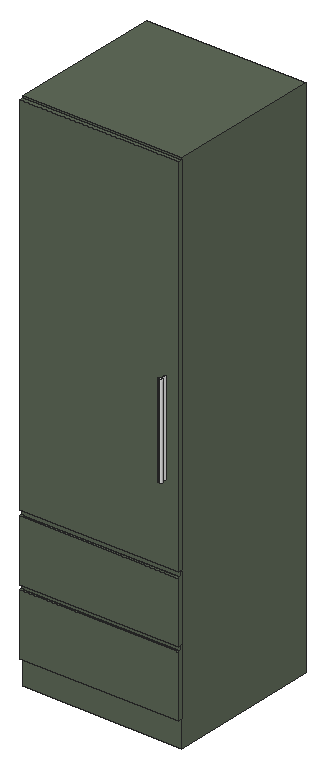
Revit family "Шкаф 1 секция (распашные двери)", category Мебель, Revit 2019
Family settings
  Номер OmniClass = 23.40.20.00
  Заголовок OmniClass = General Furniture and Specialties
  На основе рабочей плоскости = Нет
  Всегда вертикально = Да
  При загрузке вырезать с полостями = Нет
  Общий = Нет
  Точка расчета площади = Нет
Parameters
  Материал ручки [instance] = Материал шкаф ручки
  Материал шкаф (корпус) [instance] = Материал шкаф
  Изготовитель = "Литвинчук Артур"
  Длина [instance] = 600 mm
  Глубина [instance] = 600 mm
  Высота шухляды [instance] = 250 mm
  Высота антресоли [instance] = 500 mm
  Высота [instance] = 2000 mm
  Антресоль [instance] = no
  URL = "lytvynchukartur@gmail.com"
  3 шухляды [instance] = no
  2 шухляды [instance] = yes
  1 шухляда [instance] = no
  0 шухляд [instance] = no
Reference planes
  plane 1 "По центру (Вперед/Назад)": y = 0
  plane 2: z = 0
  plane 3 "По центру (Влево/Вправо)": x = 0
  plane 4: x = 600
  plane 5: y = -600
  plane 6: y = -585
  plane 7: z = 2000
  plane 8: z = 2500
  plane 9: z = 100
  plane 10: z = 350
  plane 11: z = 600
  plane 12: z = 850
  plane 13: z = 2490
  plane 14: z = 900
  plane 15: z = 1250
  plane 16: z = 855
  plane 17: z = 1995
  plane 18: z = 355
  plane 19: z = 605
Forms (mm)
  Extrusion 1, solid, material "Материал шкаф" <- "Материал шкаф (корпус)", visible <- "3 шухляды"
    sketch origin (1127.72, 0, 700) x (0, 1, 0) y (0, 0, 1)
      loop
        line (-585, 155) -> (-585, 1295) -> (-600, 1295) -> (-600, 155) -> (-585, 155)
    from -1127.72 to -527.72
  Extrusion 2, solid, material "Материал шкаф" <- "Материал шкаф (корпус)", visible <- "3 шухляды"
    sketch origin (1127.72, 0, 0) x (0, 1, 0) y (0, 0, 1)
      loop
        line (-585, 100) -> (-585, 350) -> (-590.213, 350) -> (-590.213, 332.595)
        arc (-590.213, 332.595) -> (-592.713, 330.095) -> (-595.213, 332.595) r 2.5
        arc (-595.213, 332.595) -> (-597.607, 334.989) -> (-600, 332.595) r 2.393
        line (-600, 332.595) -> (-600, 100) -> (-585, 100)
    from -1127.72 to -527.72
  Extrusion 3, solid, material "Материал шкаф" <- "Материал шкаф (корпус)"
    sketch origin (0, 0, 0) x (1, 0, 0) y (0, 1, 0)
      loop
        line (0, 0) -> (0, -585) -> (600, -585) -> (600, 0) -> (0, 0)
    from 0 to 2000
  Extrusion 4, solid, material "Материал шкаф" <- "Материал шкаф (корпус)", visible <- "Антресоль"
    sketch origin (140, 0, 0) x (1, 0, 0) y (0, 1, 0)
      loop
        line (-140, 0) -> (-140, -585) -> (460, -585) -> (460, 0) -> (-140, 0)
    from 2000 to 2500
  Extrusion 5, solid, material "Материал шкаф" <- "Материал шкаф (корпус)", visible <- "3 шухляды"
    sketch origin (1127.72, 0, 250) x (0, 1, 0) y (0, 0, 1)
      loop
        line (-585, 100) -> (-585, 350) -> (-590.213, 350) -> (-590.213, 332.595)
        arc (-590.213, 332.595) -> (-592.713, 330.095) -> (-595.213, 332.595) r 2.5
        arc (-595.213, 332.595) -> (-597.607, 334.989) -> (-600, 332.595) r 2.393
        line (-600, 332.595) -> (-600, 100) -> (-585, 100)
    from -1127.72 to -527.72
  Extrusion 6, solid, material "Материал шкаф" <- "Материал шкаф (корпус)", visible <- "3 шухляды"
    sketch origin (1127.72, 0, 500) x (0, 1, 0) y (0, 0, 1)
      loop
        line (-585, 100) -> (-585, 350) -> (-590.213, 350) -> (-590.213, 332.595)
        arc (-590.213, 332.595) -> (-592.713, 330.095) -> (-595.213, 332.595) r 2.5
        arc (-595.213, 332.595) -> (-597.607, 334.989) -> (-600, 332.595) r 2.393
        line (-600, 332.595) -> (-600, 100) -> (-585, 100)
    from -1127.72 to -527.72
  Extrusion 7, solid, material "Материал шкаф" <- "Материал шкаф (корпус)", visible <- "2 шухляды"
    sketch origin (1807.72, 0, 0) x (0, 1, 0) y (0, 0, 1)
      loop
        line (-585, 100) -> (-585, 350) -> (-590.213, 350) -> (-590.213, 332.595)
        arc (-590.213, 332.595) -> (-592.713, 330.095) -> (-595.213, 332.595) r 2.5
        arc (-595.213, 332.595) -> (-597.607, 334.989) -> (-600, 332.595) r 2.393
        line (-600, 332.595) -> (-600, 100) -> (-585, 100)
    from -1807.72 to -1207.72
  Extrusion 8, solid, material "Материал шкаф" <- "Материал шкаф (корпус)", visible <- "2 шухляды"
    sketch origin (1767.72, 0, 250) x (0, 1, 0) y (0, 0, 1)
      loop
        line (-585, 100) -> (-585, 350) -> (-590.213, 350) -> (-590.213, 332.595)
        arc (-590.213, 332.595) -> (-592.713, 330.095) -> (-595.213, 332.595) r 2.5
        arc (-595.213, 332.595) -> (-597.607, 334.989) -> (-600, 332.595) r 2.393
        line (-600, 332.595) -> (-600, 100) -> (-585, 100)
    from -1767.72 to -1167.72
  Extrusion 9, solid, material "Материал шкаф" <- "Материал шкаф (корпус)", visible <- "1 шухляда"
    sketch origin (2547.72, 0, 0) x (0, 1, 0) y (0, 0, 1)
      loop
        line (-585, 100) -> (-585, 350) -> (-590.213, 350) -> (-590.213, 332.595)
        arc (-590.213, 332.595) -> (-592.713, 330.095) -> (-595.213, 332.595) r 2.5
        arc (-595.213, 332.595) -> (-597.607, 334.989) -> (-600, 332.595) r 2.393
        line (-600, 332.595) -> (-600, 100) -> (-585, 100)
    from -2547.72 to -1947.72
  Extrusion 10, solid, material "Материал шкаф" <- "Материал шкаф (корпус)", visible <- "Антресоль"
    sketch origin (-472.28, 0, 1200) x (0, 1, 0) y (0, 0, 1)
      loop
        line (-585, 800) -> (-585, 1290) -> (-600, 1290) -> (-600, 800) -> (-585, 800)
    from 472.28 to 1072.28
  Extrusion 11, solid, material "Материал шкаф ручки" <- "Материал ручки", visible <- "Антресоль"
    sketch origin (-169, 0, 1250) x (1, 0, 0) y (0, 1, 0)
      loop
        line (719, -600) -> (714, -600) -> (714, -615)
        arc (714, -615) -> (709, -620) -> (714, -625) r 5
        line (714, -625) -> (719, -625)
        arc (719, -625) -> (724, -620) -> (719, -615) r 5
        line (719, -615) -> (719, -600)
    from 800 to 950
  Extrusion 12, solid, material "Материал шкаф ручки" <- "Материал ручки"
    sketch origin (-169, 150, 0) x (1, 0, 0) y (0, 1, 0)
      loop
        line (719, -750) -> (714, -750) -> (714, -765)
        arc (714, -765) -> (709, -770) -> (714, -775) r 5
        line (714, -775) -> (719, -775)
        arc (719, -775) -> (724, -770) -> (719, -765) r 5
        line (719, -765) -> (719, -750)
    from 900 to 1250
  Extrusion 13, solid, material "Материал шкаф ручки" <- "Материал ручки", visible <- "Антресоль", not visible
    sketch origin (-169, 0, 1250) x (1, 0, 0) y (0, 1, 0)
      loop
        line (719, -600) -> (714, -600) -> (714, -615)
        arc (714, -615) -> (709, -620) -> (714, -625) r 5
        line (714, -625) -> (719, -625)
        arc (719, -625) -> (724, -620) -> (719, -615) r 5
        line (719, -615) -> (719, -600)
    from 800 to 950
  Extrusion 14, solid, material "Материал шкаф ручки" <- "Материал ручки", not visible
    sketch origin (-169, 150, 0) x (1, 0, 0) y (0, 1, 0)
      loop
        line (719, -750) -> (714, -750) -> (714, -765)
        arc (714, -765) -> (709, -770) -> (714, -775) r 5
        line (714, -775) -> (719, -775)
        arc (719, -775) -> (724, -770) -> (719, -765) r 5
        line (719, -765) -> (719, -750)
    from 900 to 1250
  Extrusion 15, solid, material "Материал шкаф" <- "Материал шкаф (корпус)", visible <- "2 шухляды"
    sketch origin (187.72, 0, 0) x (0, 1, 0) y (0, 0, 1)
      loop
        line (-585, 605) -> (-585, 1995) -> (-600, 1995) -> (-600, 605) -> (-585, 605)
    from -187.72 to 412.28
  Extrusion 16, solid, material "Материал шкаф" <- "Материал шкаф (корпус)", visible <- "1 шухляда"
    sketch origin (107.72, 0, 560) x (0, 1, 0) y (0, 0, 1)
      loop
        line (-585, -205) -> (-585, 1435) -> (-600, 1435) -> (-600, -205) -> (-585, -205)
    from -107.72 to 492.28
  Extrusion 17, solid, material "Материал шкаф" <- "Материал шкаф (корпус)", visible <- "0 шухляд"
    sketch origin (87.72, 0, 54.832) x (0, 1, 0) y (0, 0, 1)
      loop
        line (-585, 45.168) -> (-585, 1940.168) -> (-600, 1940.168) -> (-600, 45.168) -> (-585, 45.168)
    from -87.72 to 512.28
Dimensions and locks
  "Длина": plane 3 "По центру (Влево/Вправо)" to plane 4
  "Глубина": plane 5 to plane 1 "По центру (Вперед/Назад)"
  "Высота": plane 7 to level
  "Высота антресоли": plane 8 to plane 7
  locked: plane 9 to level at 100
  equal spacing: plane 12, plane 11, plane 10, plane 9
  "Высота шухляды": plane 10 to plane 9
  locked: plane 8 to plane 13 at 10
  locked: Extrusion 11 to plane 7 at 50
  locked: plane 4 to Extrusion 11 at 50
  plane 15 to plane 14 to level = 350 mm locked, 900 mm locked
  locked: plane 4 to Extrusion 12 at 50
  locked: plane 16 to plane 12 at 5
  locked: plane 7 to plane 17 at 5
  plane 19 to plane 18 = 250 mm
  locked: plane 18 to plane 10 at 5
  locked: plane 19 to plane 11 at 5
  locked: plane 6 to plane 5 at 15
  locked: Extrusion 11 to plane 5 at 15
  locked: Extrusion 12 to plane 5 at 15
  aligned and locked: level to plane 2
  aligned and locked: plane 3 "По центру (Влево/Вправо)" to Extrusion 3 sketch curve
  aligned and locked: plane 1 "По центру (Вперед/Назад)" to Extrusion 3 sketch curve
  aligned and locked: Extrusion 3 sketch curve to plane 4
  aligned and locked: plane 6 to Extrusion 3 sketch curve
  aligned and locked: Extrusion 3 to plane 7
  aligned and locked: Extrusion 3 to level
  aligned and locked: plane 7 to Extrusion 4
  aligned and locked: Extrusion 4 to plane 8
  aligned and locked: Extrusion 4 to plane 3 "По центру (Влево/Вправо)"
  aligned and locked: Extrusion 4 to plane 1 "По центру (Вперед/Назад)"
  aligned and locked: plane 4 to Extrusion 4
  aligned and locked: Extrusion 4 to plane 6
  aligned and locked: Extrusion 2 to plane 3 "По центру (Влево/Вправо)"
  aligned and locked: plane 4 to Extrusion 2
  aligned and locked: plane 7 to Extrusion 10
  aligned and locked: Extrusion 10 to plane 13
  aligned and locked: plane 4 to Extrusion 10
  aligned and locked: Extrusion 10 to plane 3 "По центру (Влево/Вправо)"
  aligned and locked: Extrusion 12 to plane 15
  aligned and locked: plane 16 to Extrusion 1
  aligned and locked: Extrusion 1 to plane 17
  aligned and locked: Extrusion 1 to plane 3 "По центру (Влево/Вправо)"
  aligned and locked: plane 4 to Extrusion 1
  aligned and locked: plane 4 to Extrusion 7
  aligned and locked: plane 4 to Extrusion 8
  aligned and locked: Extrusion 7 to plane 3 "По центру (Влево/Вправо)"
  aligned and locked: Extrusion 8 to plane 3 "По центру (Влево/Вправо)"
  aligned and locked: Extrusion 15 to plane 17
  aligned and locked: plane 19 to Extrusion 15
  aligned and locked: plane 4 to Extrusion 15
  aligned and locked: Extrusion 15 to plane 3 "По центру (Влево/Вправо)"
  aligned and locked: plane 4 to Extrusion 9
  aligned and locked: Extrusion 9 to plane 3 "По центру (Влево/Вправо)"
  aligned and locked: Extrusion 16 to plane 17
  aligned and locked: plane 18 to Extrusion 16
  aligned and locked: plane 4 to Extrusion 16
  aligned and locked: Extrusion 16 to plane 3 "По центру (Влево/Вправо)"
  aligned and locked: Extrusion 17 to plane 3 "По центру (Влево/Вправо)"
  aligned and locked: plane 4 to Extrusion 17
  aligned and locked: plane 9 to Extrusion 17
  aligned and locked: Extrusion 17 to plane 17
  aligned and locked: plane 4 to Extrusion 5
  aligned and locked: plane 4 to Extrusion 6
Automatic sketch dimensions
  Extrusion 12 sketch curve to Extrusion 12 sketch curve = 5 mm  (x2)
  Extrusion 12 sketch curve to Extrusion 12 sketch curve = 15 mm
  Extrusion 12 sketch curve to Extrusion 12 sketch curve = 0 mm
  Extrusion 11 sketch curve to Extrusion 11 sketch curve = 5 mm  (x2)
  Extrusion 11 sketch curve to Extrusion 11 sketch curve = 0 mm
  Extrusion 11 sketch curve to Extrusion 11 sketch curve = 15 mm
  Extrusion 13 sketch curve to Extrusion 13 sketch curve = 5 mm  (x2)
  Extrusion 13 sketch curve to Extrusion 13 sketch curve = 0 mm
  Extrusion 13 sketch curve to Extrusion 13 sketch curve = 15 mm
  Extrusion 14 sketch curve to Extrusion 14 sketch curve = 5 mm  (x2)
  Extrusion 14 sketch curve to Extrusion 14 sketch curve = 15 mm
  Extrusion 14 sketch curve to Extrusion 14 sketch curve = 0 mm
  Extrusion 1 sketch curve to plane 5 = 0 mm
  Extrusion 1 sketch curve to plane 6 = 0 mm
  plane 16 to Extrusion 1 sketch curve = 0 mm
  plane 17 to Extrusion 1 sketch curve = 0 mm
  Extrusion 2 sketch curve to plane 5 = 0 mm
  plane 10 to Extrusion 2 sketch curve = 0 mm
  Extrusion 2 sketch curve to plane 6 = 0 mm
  plane 9 to Extrusion 2 sketch curve = 0 mm
  Extrusion 2 sketch curve to Extrusion 2 sketch curve = 2.393 mm
  Extrusion 2 sketch curve to Extrusion 2 sketch curve = 2.5 mm  (x2)
  plane 10 to Extrusion 2 sketch curve = 17.405 mm
  Extrusion 4 sketch curve to plane 3 "По центру (Влево/Вправо)" = 0 mm
  Extrusion 4 sketch curve to plane 4 = 0 mm
  plane 6 to Extrusion 4 sketch curve = 0 mm
  plane 1 "По центру (Вперед/Назад)" to Extrusion 4 sketch curve = 0 mm
  Extrusion 5 sketch curve to plane 5 = 0 mm
  plane 11 to Extrusion 5 sketch curve = 0 mm
  Extrusion 5 sketch curve to plane 6 = 0 mm
  plane 10 to Extrusion 5 sketch curve = 0 mm
  Extrusion 5 sketch curve to Extrusion 5 sketch curve = 2.393 mm
  Extrusion 5 sketch curve to Extrusion 5 sketch curve = 2.5 mm  (x2)
  plane 11 to Extrusion 5 sketch curve = 17.405 mm
  Extrusion 6 sketch curve to plane 5 = 0 mm
  plane 12 to Extrusion 6 sketch curve = 0 mm
  Extrusion 6 sketch curve to plane 6 = 0 mm
  plane 11 to Extrusion 6 sketch curve = 0 mm
  Extrusion 6 sketch curve to Extrusion 6 sketch curve = 2.393 mm
  Extrusion 6 sketch curve to Extrusion 6 sketch curve = 2.5 mm  (x2)
  plane 12 to Extrusion 6 sketch curve = 17.405 mm
  Extrusion 7 sketch curve to plane 5 = 0 mm
  plane 10 to Extrusion 7 sketch curve = 0 mm
  Extrusion 7 sketch curve to plane 6 = 0 mm
  plane 9 to Extrusion 7 sketch curve = 0 mm
  Extrusion 7 sketch curve to Extrusion 7 sketch curve = 2.393 mm
  Extrusion 7 sketch curve to Extrusion 7 sketch curve = 2.5 mm  (x2)
  plane 10 to Extrusion 7 sketch curve = 17.405 mm
  Extrusion 8 sketch curve to plane 5 = 0 mm
  plane 11 to Extrusion 8 sketch curve = 0 mm
  Extrusion 8 sketch curve to plane 6 = 0 mm
  plane 10 to Extrusion 8 sketch curve = 0 mm
  Extrusion 8 sketch curve to Extrusion 8 sketch curve = 2.393 mm
  Extrusion 8 sketch curve to Extrusion 8 sketch curve = 2.5 mm  (x2)
  plane 11 to Extrusion 8 sketch curve = 17.405 mm
  Extrusion 9 sketch curve to plane 5 = 0 mm
  plane 10 to Extrusion 9 sketch curve = 0 mm
  Extrusion 9 sketch curve to plane 6 = 0 mm
  plane 9 to Extrusion 9 sketch curve = 0 mm
  Extrusion 9 sketch curve to Extrusion 9 sketch curve = 2.393 mm
  Extrusion 9 sketch curve to Extrusion 9 sketch curve = 2.5 mm  (x2)
  plane 10 to Extrusion 9 sketch curve = 17.405 mm
  Extrusion 10 sketch curve to plane 5 = 0 mm
  Extrusion 10 sketch curve to plane 6 = 0 mm
  plane 7 to Extrusion 10 sketch curve = 0 mm
  plane 13 to Extrusion 10 sketch curve = 0 mm
  Extrusion 15 sketch curve to plane 5 = 0 mm
  Extrusion 15 sketch curve to plane 6 = 0 mm
  plane 19 to Extrusion 15 sketch curve = 0 mm
  plane 17 to Extrusion 15 sketch curve = 0 mm
  Extrusion 16 sketch curve to plane 5 = 0 mm
  Extrusion 16 sketch curve to plane 6 = 0 mm
  plane 18 to Extrusion 16 sketch curve = 0 mm
  plane 17 to Extrusion 16 sketch curve = 0 mm
  Extrusion 17 sketch curve to plane 5 = 0 mm
  Extrusion 17 sketch curve to plane 6 = 0 mm
  Extrusion 17 sketch curve to plane 9 = 0 mm
  plane 17 to Extrusion 17 sketch curve = 0 mm
